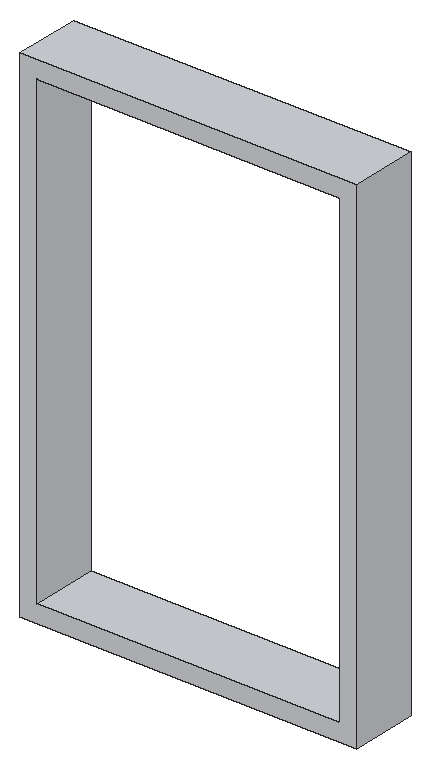
Revit family "Family1", category Windows, host Wall, Revit 2022
Family settings
  Host = Wall
  OmniClass Number = 23.30.20.00
  OmniClass Title = Windows
  Always vertical = Yes
  Cut with Voids When Loaded = No
  Shared = No
  Room Calculation Point = No
Parameters
  창틀두께 = 50 mm
  Height = 1500 mm
  Default Sill Height = 800 mm
  Wall Closure = By host
  Width = 1000 mm
Reference planes
  plane 1 "Center (Front/Back)": y = 0
  plane 2 "Center (Left/Right)": x = 0
  plane 3 "Left": x = -500
  plane 4 "Right": x = 500
  plane 5 "Sill": z = 800
  plane 6 "Head": z = 2300
  plane 7 "Exterior": y = 100
  plane 8 "Interior": y = -100
Forms (mm)
  Sweep 1, solid
    path in 3D
      loop
        line (500, 100, 2300) -> (-500, 100, 2300) -> (-500, 100, 800) -> (500, 100, 800) -> (500, 100, 2300)
    profile origin (500, 100, 1550) x (0, 1, 0) y (-1, 0, 0)
      loop
        line (0, 0) -> (0, 50) -> (-200, 50) -> (-200, 0) -> (0, 0)
Lines and regions (mm)
  Opening 1
    outline origin (3500, -100, 0) x (1, 0, 0) y (0, 0, 1)
      loop
        line (-3000, 800) -> (-3000, 2300) -> (-4000, 2300) -> (-4000, 800) -> (-3000, 800)
  sketch lines
    curve 1: line (500, 100, 800) -> (500, 100, 2300)
    curve 2: line (500, 100, 2300) -> (-500, 100, 2300)
    curve 3: line (-500, 100, 2300) -> (-500, 100, 800)
    curve 4: line (-500, 100, 800) -> (500, 100, 800)
Text (mm)
  text "Exterior" at (-1963.203, 1332.353, 0), in view "Ref. Level"
  text "Interior" at (-1981.466, -818.386, 0), in view "Ref. Level"
  text "Exterior" at (0, 923.751, 2943.296), in view "Right"
  text "Exterior" at (0, 1040.484, 2685.409), in view "Left"
Dimensions and locks
  equal spacing: plane 3 "Left", plane 2 "Center (Left/Right)", plane 4 "Right"
  "Width": plane 3 "Left" to plane 4 "Right"
  "Height": plane 5 "Sill" to plane 6 "Head"
  "Default Sill Height": plane 5 "Sill" to level
  locked: plane 7 "Exterior" to host wall
  locked: plane 8 "Interior" to host wall
  "창틀두께": Sweep 1 sketch curve to Sweep 1 sketch curve
  Sweep 1 to Sweep 1 = 50 mm
Automatic sketch dimensions
  Opening 1 sketch curve to plane 3 "Left" = 0 mm
  Opening 1 sketch curve to plane 4 "Right" = 0 mm
  Opening 1 sketch curve to plane 5 "Sill" = 0 mm
  Opening 1 sketch curve to plane 6 "Head" = 0 mm
  Sweep 1 sketch curve to profile plane = 0 mm
  profile plane to Sweep 1 sketch curve = 0 mm
  profile plane to Sweep 1 sketch curve = 200 mm
